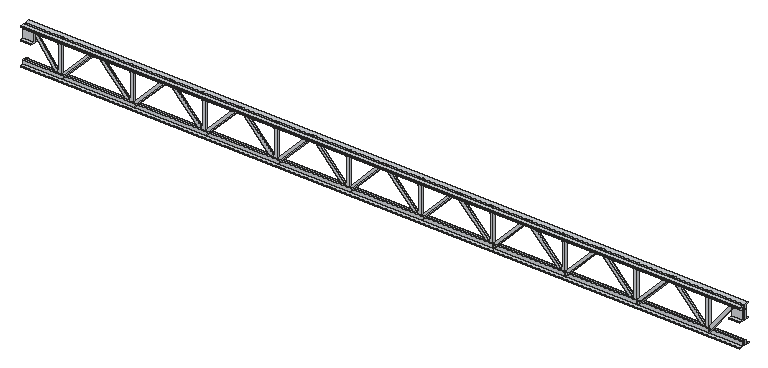
Revit family "M_Viga mestra BG", category Quadro estrutural, Revit 2019
Family settings
  Arredondamento do comprimento do framing estrutural = 1 mm
  Forma do corte = Não definido
  Material para o comportamento do modelo = Aço
  Exportar sempre como geometria = Sim
  Número OmniClass = 23.25.30.21.14.11
  Título OmniClass = Metal Joists
  ID de item do Seek = BG Joist Girder-0000-CAN-ENU
  Sempre na vertical = Sim
  Corte com vazios quando carregada = Não
  Representação simbólica = Da família
  Compartilhado = Não
  Exibir o pré-corte da família na vista da planta = Sim
Parameters (values of type "508BG")
  Espessura da teia = 25 mm
  Visibilidade do membro vertical = yes
  Material estrutural = none
  Deslocamento inicial [instance] = 0 mm
  Extensão inicial do cordão superior [instance] = 0 mm
  SpaceNum [instance] = 2 * NumMeioEspaço  # 20
  Comprimento do assento = 150 mm
  Profundidade do assento [instance] = 190 mm
  LarguraPainel [instance] = Length / SpaceNum  # 500 mm
  NumMatrizPainel 2 [instance] = Meio NúmeroMatrizPainel - 1  # 8
  NumMatrizPainel 1 [instance] = Meio NúmeroMatrizPainel  # 9
  NumMatrizPainel [instance] = SpaceNum - 3  # 17
  Carga de ponto do painel [instance] = 18.00 kN
  Comprimento do deslocamento 2 [instance] = Painel final - Deslocamento final + Extensão final do cordão inferior  # 500 mm
  Comprimento do deslocamento 1 [instance] = Painel final - Deslocamento inicial + Extensão inicial do cordão inferior  # 500 mm
  NumMeioEspaço [instance] = 10
  Tipo de viga mestre = "BG"
  Linear = 508 mm
  Extensão inicial do cordão inferior [instance] = 0 mm
  Extensão final do cordão inferior [instance] = 0 mm
  Meio NúmeroMatrizPainel [instance] = NumMatrizPainel / 2  # 9
  Painel final [instance] = LarguraPainel  # 500 mm
  Deslocamento final [instance] = 0 mm
  Extensão final do cordão superior [instance] = 0 mm
  Perna da corda = 63.5 mm
  Espessura da corda = 12.5 mm
  Código de montagem = "B1010350"
  Length [instance] = 10000 mm
Reference planes
  plane 1 "Centro (Frente/Trás)": y = 0
  plane 2: z = 0
  plane 3 "Centro (Esquerda/Direita)": x = 458.446
  plane 4 "Membro esquerdo": x = -3551.39
  plane 5 "Membro direito": x = 3560.61
  plane 6: y = 76
  plane 7: y = -76
  plane 8: z = 254
  plane 9: z = -254
  plane 10 "Esquerda": x = -4541.554
  plane 11 "Símbolo esquerdo de verga": x = -5435.59
  plane 12 "Símbolo direito de verga": x = 6401.136
  plane 13 "Direita": x = 5458.446
  plane 14: z = 64
  plane 15: x = -4391.554
  plane 16: x = -4041.554
  plane 17: x = 5308.446
  plane 18: x = 4958.446
  plane 19: y = 12.5
  plane 20: y = -12.5
  plane 21: z = 190.5
  plane 22: z = -190.5
  plane 23: z = -247.65
  plane 24: z = 247.65
  plane 25: x = -4541.554
  plane 26: x = 5458.446
  plane 27: x = -4541.554
  plane 28: x = 5458.446
  plane 29: x = 4458.446
  plane 30: x = 3958.446
  plane 31: x = -3541.554
  plane 32: x = -3041.554
  plane 33: x = -2541.554
  plane 34: x = -4541.554
  plane 35: x = 5458.446
  plane 36: x = -5435.59
  plane 37 "Esquerda do símbolo": x = -5435.59
  plane 38: x = 6401.136
  plane 39 "Direita do símbolo": x = 6401.136
Forms (mm)
  Extrusion 1, solid, material <- "Material estrutural", detail levels medium+fine
    sketch origin (458.446, 0, 0) x (0, 1, 0) y (0, 0, 1)
      loop
        line (76, 254) -> (12.5, 254) -> (12.5, 190.5) -> (25, 190.5) -> (25, 241.5) -> (76, 241.5) -> (76, 254)
      loop
        line (-76, 254) -> (-76, 241.5) -> (-25, 241.5) -> (-25, 190.5) -> (-12.5, 190.5) -> (-12.5, 254) -> (-76, 254)
    from -5000 to 5000
  Extrusion 2, solid, material <- "Material estrutural", detail levels medium+fine
    sketch origin (458.446, 0, 0) x (0, 1, 0) y (0, 0, 1)
      loop
        line (12.5, -190.5) -> (12.5, -254) -> (76, -254) -> (76, -241.5) -> (25, -241.5) -> (25, -190.5) -> (12.5, -190.5)
      loop
        line (-12.5, -190.5) -> (-25, -190.5) -> (-25, -241.5) -> (-76, -241.5) -> (-76, -254) -> (-12.5, -254) -> (-12.5, -190.5)
    from -5000 to 5000
  Extrusion 3, solid, material <- "Material estrutural", detail levels medium+fine
    sketch origin (458.446, 0, 0) x (0, 1, 0) y (0, 0, 1)
      loop
        line (76, 64) -> (76, 76.5) -> (25, 76.5) -> (25, 190.5) -> (12.5, 190.5) -> (12.5, 64) -> (76, 64)
      loop
        line (-76, 64) -> (-12.5, 64) -> (-12.5, 190.5) -> (-25, 190.5) -> (-25, 76.5) -> (-76, 76.5) -> (-76, 64)
    from 4850 to 5000
  Extrusion 4, solid, material <- "Material estrutural", detail levels medium+fine
    sketch origin (458.446, 0, 0) x (0, 1, 0) y (0, 0, 1)
      loop
        line (-76, 64) -> (-12.5, 64) -> (-12.5, 190.5) -> (-25, 190.5) -> (-25, 76.5) -> (-76, 76.5) -> (-76, 64)
      loop
        line (12.5, 64) -> (76, 64) -> (76, 76.5) -> (25, 76.5) -> (25, 190.5) -> (12.5, 190.5) -> (12.5, 64)
    from -5000 to -4850
  Sweep 5, solid, material <- "Material estrutural", detail levels fine
    path in 3D
      loop
        line (4958.446, 0, -247.65) -> (5308.446, 0, 190.5)
    profile "Teia-Perfil : Teia-Perfil" origin (5133.446, 0, -28.575) x (-0.781321, 0, 0.624129) y (0, -1, 0)
      loop
        line (-25.4, 18.85) -> (-25.4, 6.15) -> (25.4, 6.15) -> (25.4, 18.85) -> (-25.4, 18.85)
  Sweep 6, solid, material <- "Material estrutural", detail levels fine
    path in 3D
      loop
        line (-4391.554, 0, 190.5) -> (-4041.554, 0, -247.65)
    profile "Teia-Perfil : Teia-Perfil" origin (-4216.554, 0, -28.575) x (0.781321, 0, 0.624129) y (0, -1, 0)
      loop
        line (-25.4, 6.35) -> (-25.4, -6.35) -> (25.4, -6.35) -> (25.4, 6.35) -> (-25.4, 6.35)
Lines and regions (mm)
  symbolic lines, style "StructuralFraming", detail levels coarse
    curve 1: line (0, 76, 254) -> (0, 12.5, 254)
    curve 2: line (0, -76, -254) -> (0, -12.5, -254)
    curve 12: line (0, 12.5, -254) -> (0, 76, -254)
    curve 13: line (458.446, 12.5, -254) -> (458.446, 12.5, -190.5)
    curve 14: line (458.446, -12.5, -254) -> (458.446, -12.5, -190.5)
    curve 15: line (458.446, -12.5, 254) -> (458.446, -12.5, 190.5)
    curve 16: line (458.446, 12.5, 254) -> (458.446, 12.5, 190.5)
    curve 17: line (0, -12.5, 254) -> (0, -76, 254)
  symbolic lines, style "StructuralFraming", detail levels coarse+medium
    curve 3: line (0, 0, -254) -> (0, 0, 254)
  reference lines
    curve 4: line (-5285.59, 0, -377.508) -> (-5285.59, 0, 333.692)
    curve 5: line (-4785.59, 0, -383.858) -> (-4785.59, 0, 333.692)
    curve 6: line (6251.136, 0, -324.588) -> (6251.136, 0, 335.812)
    curve 7: line (5751.136, 0, -451.588) -> (5751.136, 0, 335.812)
  model lines, style "Viga mestra da travessa", detail levels coarse
    curve 8: line (5751.136, 0, -254) -> (-4785.59, 0, -254)
    curve 9: line (6401.136, 0, 254) -> (-5435.59, 0, 254)
  model lines, style "StructuralFraming", detail levels medium
    curve 10: line (-4391.554, 0, 190.5) -> (-4041.554, 0, -247.65)
    curve 11: line (4958.446, 0, -247.65) -> (5308.446, 0, 190.5)
  model lines, style "Caibro da teia", detail levels coarse
    curve 18: line (-4785.59, 0, -254) -> (-5285.59, 0, 254)
    curve 19: line (5751.136, 0, -254) -> (6251.136, 0, 254)
  sketch lines
    curve 20: line (4958.446, 0, -247.65) -> (5308.446, 0, 190.5)
    curve 21: line (-4391.554, 0, 190.5) -> (-4041.554, 0, -247.65)
  symbolic lines, detail levels fine
    curve 22: line (458.446, 12.5, 247.65) -> (458.446, -12.5, 247.65)
    curve 23: line (458.446, 12.5, -247.65) -> (458.446, -12.5, -247.65)
    curve 24: line (458.446, 12.5, -190.5) -> (458.446, 12.5, 190.5)
    curve 25: line (458.446, -12.5, -190.5) -> (458.446, -12.5, 190.5)
Dimensions and locks
  equal spacing: plane 9, plane 2, plane 8
  "Length": plane 10 "Esquerda" to plane 13 "Direita"
  equal spacing: plane 10 "Esquerda", plane 3 "Centro (Esquerda/Direita)", plane 13 "Direita"
  "Painel final": curve 5 to curve 4
  "Painel final": curve 6 to curve 7
  "Linear": plane 9 to plane 8
  "Profundidade do assento": plane 8 to plane 14
  "Painel final": plane 10 "Esquerda" to plane 16
  "Painel final": plane 13 "Direita" to plane 18
  "Espessura da teia": plane 19 to plane 20
  equal spacing: plane 19, plane 1 "Centro (Frente/Trás)", plane 20
  "Perna da corda": plane 20 to plane 7
  "Perna da corda": plane 6 to plane 19
  "Perna da corda": plane 9 to plane 22
  "Perna da corda": plane 21 to plane 8
  "Espessura da corda": plane 8 to Extrusion 1 sketch curve
  "Espessura da corda": Extrusion 1 sketch curve to plane 8
  "Espessura da corda": plane 20 to Extrusion 1 sketch curve
  "Espessura da corda": Extrusion 1 sketch curve to plane 19
  "Espessura da corda": plane 9 to Extrusion 2 sketch curve  (x2)
  "Espessura da corda": Extrusion 2 sketch curve to plane 19
  "Espessura da corda": plane 20 to Extrusion 2 sketch curve
  "Espessura da corda": plane 14 to Extrusion 3 sketch curve  (x2)
  "Espessura da corda": plane 20 to Extrusion 3 sketch curve
  "Espessura da corda": Extrusion 3 sketch curve to plane 19
  "Espessura da corda": plane 14 to Extrusion 4 sketch curve  (x2)
  "Espessura da corda": Extrusion 4 sketch curve to plane 19
  "Espessura da corda": plane 20 to Extrusion 4 sketch curve
  locked: plane 23 to plane 9 at 6.35
  locked: plane 8 to plane 24 at 6.35
  "Deslocamento inicial": plane 10 "Esquerda" to plane 27
  "Comprimento do assento": plane 27 to plane 15
  "Extensão inicial do cordão superior": plane 25 to plane 27
  "Deslocamento final": plane 28 to plane 13 "Direita"
  "Comprimento do assento": plane 17 to plane 28
  "Extensão final do cordão superior": plane 28 to plane 26
  "LarguraPainel": plane 18 to plane 29
  "LarguraPainel": plane 29 to plane 30
  "LarguraPainel": plane 16 to plane 31
  "LarguraPainel": plane 32 to plane 31
  "LarguraPainel": plane 33 to plane 32
  equal spacing: group 1, group 2, group 5, group 6, group 7, group 8, group 9, group 10, group 11  (x3)
  equal spacing: group 3, group 4, group 12, group 13, group 14, group 15, group 16, group 17  (x3)
  "Comprimento do deslocamento 1": plane 16 to plane 34
  "Comprimento do deslocamento 2": plane 35 to plane 18
  "Deslocamento inicial": plane 11 "Símbolo esquerdo de verga" to plane 36
  "Comprimento do assento": curve 4 to plane 36
  "Extensão inicial do cordão superior": plane 36 to plane 37 "Esquerda do símbolo"
  "Comprimento do assento": plane 38 to curve 6
  "Extensão final do cordão superior": plane 39 "Direita do símbolo" to plane 38
  "Deslocamento final": plane 12 "Símbolo direito de verga" to plane 38
  aligned and locked: curve 8 to plane 9
  aligned and locked: curve 9 to plane 8
  aligned and locked: curve 5 to curve 8
  aligned and locked: curve 7 to curve 8
  aligned and locked: plane 8 to Extrusion 1 sketch curve
  aligned and locked: Extrusion 1 sketch curve to plane 8
  aligned and locked: plane 6 to Extrusion 1 sketch curve
  aligned and locked: plane 7 to Extrusion 1 sketch curve
  aligned and locked: Extrusion 1 sketch curve to plane 21
  aligned and locked: plane 21 to Extrusion 1 sketch curve
  aligned and locked: plane 9 to Extrusion 2 sketch curve
  aligned and locked: Extrusion 2 sketch curve to plane 9
  aligned and locked: plane 6 to Extrusion 2 sketch curve
  aligned and locked: plane 7 to Extrusion 2 sketch curve
  aligned and locked: plane 19 to Extrusion 2 sketch curve
  aligned and locked: plane 20 to Extrusion 2 sketch curve
  aligned and locked: Extrusion 2 sketch curve to plane 22
  aligned and locked: plane 22 to Extrusion 2 sketch curve
  aligned and locked: Extrusion 3 sketch curve to plane 7
  aligned and locked: plane 14 to Extrusion 3 sketch curve
  aligned and locked: Extrusion 3 sketch curve to plane 14
  aligned and locked: Extrusion 3 sketch curve to plane 6
  aligned and locked: Extrusion 3 sketch curve to plane 20
  aligned and locked: Extrusion 3 sketch curve to plane 19
  aligned and locked: Extrusion 3 sketch curve to plane 21
  aligned and locked: plane 21 to Extrusion 3 sketch curve
  aligned and locked: Extrusion 3 to plane 17
  aligned and locked: plane 6 to Extrusion 4 sketch curve
  aligned and locked: Extrusion 4 sketch curve to plane 7
  aligned and locked: Extrusion 4 sketch curve to plane 19
  aligned and locked: plane 20 to Extrusion 4 sketch curve
  aligned and locked: plane 21 to Extrusion 4 sketch curve  (x2)
  aligned and locked: Extrusion 4 sketch curve to plane 14  (x2)
  aligned and locked: plane 15 to Extrusion 4
  aligned and locked: Extrusion 2 to curve 13
  aligned and locked: curve 13 to Extrusion 2
  aligned and locked: curve 2 to curve 14
  aligned and locked: curve 14 to Extrusion 2
  aligned and locked: Extrusion 1 to curve 15
  aligned and locked: curve 15 to Extrusion 1
  aligned and locked: curve 16 to Extrusion 1  (x2)
  aligned and locked: curve 1 to Extrusion 1
  aligned and locked: curve 11 to Extrusion 3
  aligned and locked: curve 4 to curve 18
  aligned and locked: curve 6 to curve 19
  aligned and locked: plane 25 to Extrusion 1
  aligned and locked: Extrusion 3 to plane 26
  aligned and locked: Extrusion 1 to plane 26
  aligned and locked: plane 25 to Extrusion 4
  aligned and locked: plane 15 to curve 10
  aligned and locked: Extrusion 1 to curve 10
  aligned and locked: plane 17 to curve 11
  aligned and locked: plane 16 to curve 10
  aligned and locked: plane 23 to curve 10
  aligned and locked: nested 1 to plane 16
  aligned and locked: plane 1 "Centro (Frente/Trás)" to nested 1
  aligned and locked: nested 2 to plane 31
  aligned and locked: plane 9 to nested 2
  aligned and locked: nested 2 to plane 1 "Centro (Frente/Trás)"
  aligned and locked: plane 18 to curve 11
  aligned and locked: plane 23 to curve 11
  aligned and locked: nested 1 to plane 8
  aligned and locked: nested 3 to plane 8
  aligned and locked: plane 32 to nested 3
  aligned and locked: nested 4 to plane 8
  aligned and locked: plane 33 to nested 4
  aligned and locked: Extrusion 2 to plane 34
  aligned and locked: plane 35 to Extrusion 2
  aligned and locked: nested 18 to plane 1 "Centro (Frente/Trás)"
  aligned and locked: plane 29 to nested 18
  aligned and locked: nested 18 to plane 8
  aligned and locked: plane 37 "Esquerda do símbolo" to curve 9
  aligned and locked: plane 39 "Direita do símbolo" to curve 9
Automatic sketch dimensions
  Extrusion 1 sketch curve to plane 20 = 0 mm
  Extrusion 1 sketch curve to plane 19 = 0 mm
  curve 12 to plane 6 = 0 mm
  curve 1 to plane 6 = 0 mm
  curve 12 to plane 9 = 0 mm
  curve 12 to plane 19 = 0 mm
  curve 1 to plane 19 = 0 mm
  curve 17 to plane 8 = 0 mm
  curve 17 to plane 20 = 0 mm
  curve 17 to plane 7 = 0 mm
  curve 2 to plane 7 = 0 mm
  curve 2 to plane 9 = 0 mm
  curve 2 to plane 20 = 0 mm
  curve 3 to plane 1 "Centro (Frente/Trás)" = 0 mm
  curve 3 to plane 9 = 0 mm
  curve 23 to plane 23 = 0 mm
  curve 25 to plane 22 = 0 mm
  curve 24 to plane 22 = 0 mm
  curve 16 to plane 21 = 0 mm
  curve 15 to plane 21 = 0 mm
  curve 22 to plane 24 = 0 mm
  curve 3 to plane 8 = 0 mm
  plane 9 to curve 7 = 197.588 mm
  plane 9 to curve 5 = 129.858 mm
  plane 9 to curve 4 = 123.508 mm
  plane 9 to curve 6 = 70.588 mm
  curve 5 to plane 8 = 79.692 mm
  curve 4 to plane 8 = 79.692 mm
  curve 7 to plane 8 = 81.812 mm
  curve 6 to plane 8 = 81.812 mm
Nested families
  nested 1: "Teia angular BG 1" at (-4041.554, 0, 0), type "Teia angular BG 1"
  nested 2: "Teia angular BG 2" at (-3041.554, 0, 0) x (-1, 0, 0) z (0, 0, 1), type "Teia angular BG 2"
  nested 3: "Teia angular BG 1" at (-3041.554, 0, 0), type "Teia angular BG 1"
  nested 4: "Teia angular BG 2" at (-2041.554, 0, 0) x (-1, 0, 0) z (0, 0, 1), type "Teia angular BG 2"
  nested 5: "Teia angular BG 1" at (-2041.554, 0, 0), type "Teia angular BG 1"
  nested 6: "Teia angular BG 1" at (-1041.554, 0, 0), type "Teia angular BG 1"
  nested 7: "Teia angular BG 1" at (-41.554, 0, 0), type "Teia angular BG 1"
  nested 8: "Teia angular BG 1" at (958.446, 0, 0), type "Teia angular BG 1"
  nested 9: "Teia angular BG 1" at (1958.446, 0, 0), type "Teia angular BG 1"
  nested 10: "Teia angular BG 1" at (2958.446, 0, 0), type "Teia angular BG 1"
  nested 11: "Teia angular BG 1" at (3958.446, 0, 0), type "Teia angular BG 1"
  nested 12: "Teia angular BG 2" at (-1041.554, 0, 0) x (-1, 0, 0) z (0, 0, 1), type "Teia angular BG 2"
  nested 13: "Teia angular BG 2" at (-41.554, 0, 0) x (-1, 0, 0) z (0, 0, 1), type "Teia angular BG 2"
  nested 14: "Teia angular BG 2" at (958.446, 0, 0) x (-1, 0, 0) z (0, 0, 1), type "Teia angular BG 2"
  nested 15: "Teia angular BG 2" at (1958.446, 0, 0) x (-1, 0, 0) z (0, 0, 1), type "Teia angular BG 2"
  nested 16: "Teia angular BG 2" at (2958.446, 0, 0) x (-1, 0, 0) z (0, 0, 1), type "Teia angular BG 2"
  nested 17: "Teia angular BG 2" at (3958.446, 0, 0) x (-1, 0, 0) z (0, 0, 1), type "Teia angular BG 2"
  nested 18: "Teia angular BG-Direita" at (4958.446, 0, 0) x (-1, 0, 0) z (0, 0, 1), type "Teia angular BG-Direita"
Definition of nested family "Teia angular BG 1"
  Parameters
    MaterialTeia = none
    Espessura da teia = Espessura / 2  # 12.5 mm
    Deslocamento da teia = Perna da teia / 2  # 25.4 mm
    Perna da teia = 50.8 mm
    Visibilidade do membro vertical = yes
    Espessura = 25 mm
    AlturaPainel = 508 mm
    LarguraPainel = 500 mm
    Assembly Code = ""
  Reference planes
    plane 1 "Centro (Frente/Trás)": y = 0
    plane 2: z = 0
    plane 3 "Centro (Esquerda/Direita)": x = 0
    plane 4: x = 500
    plane 5: z = -254
    plane 6: z = -228.6
    plane 7: z = 229
    plane 8: z = 254
    plane 9: y = -12.5
    plane 10: y = 12.5
    plane 11: z = 190.5
    plane 12: z = -190.5
  Forms (mm)
    Sweep 1, solid, material <- "MaterialTeia", detail levels fine
      path in 3D
        loop
          line (0, 0, -228.6) -> (25.4, 0, -228.6) -> (474.6, 0, 229) -> (500, 0, 229)
      profile origin (12.7, 0, -228.6) x (0, 0, 1) y (0, -1, 0)
        loop
          line (25.4, 0) -> (25.4, 12.5) -> (-25.4, 12.5) -> (-25.4, 0) -> (25.4, 0)
    Sweep 2, solid, material <- "MaterialTeia", detail levels fine
      path in 3D
        loop
          line (98.968, -12.5, -189.915) -> (472.677, -12.5, 190.783)
      profile origin (285.823, -12.5, 0.434) x (-0.713626, 0, 0.700527) y (0, -1, 0)
        loop
          line (0, 0) -> (12.5, 0) -> (12.5, 38.3) -> (0, 38.3) -> (0, 0)
    Sweep 3, solid, material <- "MaterialTeia", visible <- "Visibilidade do membro vertical", detail levels fine
      path origin (0, 0, 0) x (1, 0, 0) y (0, 1, 0)
        loop
          line (0, 12.5) -> (0, -12.5)
      profile origin (0, 0, 0) x (1, 0, 0) y (0, 0, 1)
        loop
          line (-25.4, 254) -> (-25.4, 171.45) -> (-14.287, 160.338) -> (-14.287, -160.338) -> (-25.4, -171.45) -> (-25.4, -254) -> (25.4, -254) -> (25.4, 254) -> (-25.4, 254)
  Cuts and joins
    joined: Sweep 1, Sweep 2
  Lines and regions (mm)
    model lines, detail levels medium+fine
      curve 1: line (0, 0, -254) -> (0, 0, 254)
      curve 2: line (0, 0, 254) -> (500, 0, 254)
      curve 3: line (500, 0, 254) -> (500, 0, -254)
      curve 4: line (500, 0, -254) -> (0, 0, -254)
    model lines, detail levels medium
      curve 5: line (474.6, 0, 229) -> (500, 0, 229)
      curve 6: line (0, 0, -228.6) -> (25.4, 0, -228.6)
      curve 7: line (25.4, 0, -228.6) -> (474.6, 0, 229)
    sketch lines
      curve 8: line (0, 0, -228.6) -> (25.4, 0, -228.6)
      curve 9: line (25.4, 0, -228.6) -> (474.6, 0, 229)
      curve 10: line (474.6, 0, 229) -> (500, 0, 229)
      curve 11: line (98.968, -12.5, -189.915) -> (472.677, -12.5, 190.783)
    model lines, visible <- "Visibilidade do membro vertical", detail levels medium
      curve 12: line (0, 0, 254) -> (0, 0, -254)
  Dimensions and locks
    plane 6 to plane 5 = 25.4 mm
    "Espessura": plane 8 to plane 7
    "AlturaPainel": plane 8 to plane 5
    equal spacing: plane 8, plane 2, plane 5
    "Espessura": plane 10 to plane 9
    equal spacing: plane 10, plane 1 "Centro (Frente/Trás)", plane 9
    locked: plane 8 to plane 11 at 63.5
    plane 12 to plane 5 = 63.5 mm
    "Deslocamento da teia": plane 6 to plane 5
    "Deslocamento da teia": curve 6 to plane 3 "Centro (Esquerda/Direita)"
    "Deslocamento da teia": curve 5 to plane 4
    "Perna da teia": Sweep 1 sketch curve to Sweep 1 sketch curve
    equal spacing: Sweep 1 sketch curve, plane 6, Sweep 1 sketch curve
    "Perna da teia": plane 1 "Centro (Frente/Trás)" to Sweep 2 sketch curve
    "Espessura da teia": Sweep 2 sketch curve to Sweep 2 sketch curve
    "LarguraPainel": plane 4 to plane 3 "Centro (Esquerda/Direita)"
    equal spacing: Sweep 3 sketch curve, plane 3 "Centro (Esquerda/Direita)", Sweep 3 sketch curve
    "Perna da teia": Sweep 3 sketch curve to Sweep 3 sketch curve  (x2)
    locked: Sweep 3 sketch curve to Sweep 3 sketch curve at 82.55  (x2)
    locked: Sweep 3 sketch curve to Sweep 3 sketch curve at 11.112
    equal spacing: Sweep 3 sketch curve, plane 2, Sweep 3 sketch curve
    locked: Sweep 3 sketch curve to Sweep 3 sketch curve (angle 45.00°)  (x2)
    aligned and locked: plane 7 to curve 5
    aligned and locked: plane 6 to curve 6
    aligned and locked: plane 9 to Sweep 1 sketch curve
    aligned and locked: Sweep 1 sketch curve to plane 1 "Centro (Frente/Trás)"
    aligned and locked: Sweep 1 to curve 11
    aligned and locked: Sweep 2 sketch curve to profile plane
    aligned and locked: plane 9 to Sweep 2 sketch curve
    aligned and locked: plane 4 to curve 5
    aligned and locked: plane 4 to curve 3
    aligned and locked: plane 3 "Centro (Esquerda/Direita)" to curve 1
    aligned and locked: curve 4 to plane 5
    aligned and locked: Sweep 3 sketch curve to plane 3 "Centro (Esquerda/Direita)"
    aligned and locked: plane 10 to Sweep 3 sketch curve
    aligned and locked: plane 9 to Sweep 3 sketch curve
    aligned and locked: curve 12 to plane 3 "Centro (Esquerda/Direita)"
    aligned and locked: plane 8 to curve 12
    aligned and locked: plane 5 to curve 12
    aligned and locked: Sweep 3 sketch curve to plane 8
    aligned and locked: Sweep 3 sketch curve to plane 5
Definition of nested family "Teia angular BG 2"
  Parameters
    MaterialTeia = none
    Espessura da teia = Espessura / 2  # 12.5 mm
    Deslocamento da teia = Perna da teia / 2  # 25.4 mm
    Perna da teia = 50.8 mm
    Espessura = 25 mm
    AlturaPainel = 508 mm
    LarguraPainel = 500 mm
    Assembly Code = ""
  Reference planes
    plane 1 "Centro (Frente/Trás)": y = 0
    plane 2: z = 0
    plane 3 "Centro (Esquerda/Direita)": x = 0
    plane 4: x = 500
    plane 5: z = -254
    plane 6: z = -228.6
    plane 7: z = 229
    plane 8: z = 254
    plane 9: y = -12.5
    plane 10: y = 12.5
    plane 11: z = 190.5
    plane 12: z = -190.5
  Forms (mm)
    Sweep 1, solid, material <- "MaterialTeia", detail levels fine
      path in 3D
        loop
          line (0, 0, -228.6) -> (25.4, 0, -228.6) -> (474.6, 0, 229) -> (500, 0, 229)
      profile origin (12.7, 0, -228.6) x (0, 0, 1) y (0, -1, 0)
        loop
          line (25.4, 0) -> (25.4, 12.5) -> (-25.4, 12.5) -> (-25.4, 0) -> (25.4, 0)
    Sweep 2, solid, material <- "MaterialTeia", detail levels fine
      path in 3D
        loop
          line (98.968, -12.5, -189.915) -> (472.677, -12.5, 190.783)
      profile origin (285.823, -12.5, 0.434) x (-0.713626, 0, 0.700527) y (0, -1, 0)
        loop
          line (0, 0) -> (12.5, 0) -> (12.5, 38.3) -> (0, 38.3) -> (0, 0)
  Cuts and joins
    joined: Sweep 1, Sweep 2
  Lines and regions (mm)
    model lines, detail levels medium+fine
      curve 1: line (0, 0, -254) -> (0, 0, 254)
      curve 2: line (0, 0, 254) -> (500, 0, 254)
      curve 3: line (500, 0, 254) -> (500, 0, -254)
      curve 4: line (500, 0, -254) -> (0, 0, -254)
    model lines, detail levels medium
      curve 5: line (474.6, 0, 229) -> (500, 0, 229)
      curve 6: line (0, 0, -228.6) -> (25.4, 0, -228.6)
      curve 7: line (25.4, 0, -228.6) -> (474.6, 0, 229)
    sketch lines
      curve 8: line (0, 0, -228.6) -> (25.4, 0, -228.6)
      curve 9: line (25.4, 0, -228.6) -> (474.6, 0, 229)
      curve 10: line (474.6, 0, 229) -> (500, 0, 229)
      curve 11: line (98.968, -12.5, -189.915) -> (472.677, -12.5, 190.783)
  Dimensions and locks
    plane 6 to plane 5 = 25.4 mm
    "Espessura": plane 8 to plane 7
    "AlturaPainel": plane 8 to plane 5
    equal spacing: plane 8, plane 2, plane 5
    "Espessura": plane 10 to plane 9
    equal spacing: plane 10, plane 1 "Centro (Frente/Trás)", plane 9
    locked: plane 8 to plane 11 at 63.5
    plane 12 to plane 5 = 63.5 mm
    "Deslocamento da teia": plane 6 to plane 5
    "Deslocamento da teia": curve 6 to plane 3 "Centro (Esquerda/Direita)"
    "Deslocamento da teia": curve 5 to plane 4
    "Perna da teia": Sweep 1 sketch curve to Sweep 1 sketch curve
    equal spacing: Sweep 1 sketch curve, plane 6, Sweep 1 sketch curve
    "Perna da teia": plane 1 "Centro (Frente/Trás)" to Sweep 2 sketch curve
    "Espessura da teia": Sweep 2 sketch curve to Sweep 2 sketch curve
    "LarguraPainel": plane 4 to plane 3 "Centro (Esquerda/Direita)"
    aligned and locked: plane 7 to curve 5
    aligned and locked: plane 6 to curve 6
    aligned and locked: plane 8 to curve 2
    aligned and locked: plane 9 to Sweep 1 sketch curve
    aligned and locked: Sweep 1 sketch curve to plane 1 "Centro (Frente/Trás)"
    aligned and locked: Sweep 1 to curve 11
    aligned and locked: Sweep 2 sketch curve to profile plane
    aligned and locked: plane 9 to Sweep 2 sketch curve
    aligned and locked: plane 4 to curve 5
    aligned and locked: plane 4 to curve 3
    aligned and locked: plane 3 "Centro (Esquerda/Direita)" to curve 1
    aligned and locked: curve 4 to plane 5
Definition of nested family "Teia angular BG-Direita"
  Parameters
    MaterialTeia = none
    Espessura da teia = Espessura / 2  # 12.5 mm
    Deslocamento da teia = Perna da teia / 2  # 25.4 mm
    Perna da teia = 50.8 mm
    Visibilidade do membro vertical = yes
    Espessura = 25 mm
    AlturaPainel = 508 mm
    LarguraPainel = 500 mm
    Assembly Code = ""
  Reference planes
    plane 1 "Centro (Frente/Trás)": y = 0
    plane 2: z = 0
    plane 3 "Centro (Esquerda/Direita)": x = 0
    plane 4: x = 500
    plane 5: z = -254
    plane 6: z = -228.6
    plane 7: z = 229
    plane 8: z = 254
    plane 9: y = -12.5
    plane 10: y = 12.5
    plane 11: z = 190.5
    plane 12: z = -190.5
  Forms (mm)
    Sweep 1, solid, material <- "MaterialTeia", detail levels fine
      path in 3D
        loop
          line (0, 0, -228.6) -> (25.4, 0, -228.6) -> (474.6, 0, 229) -> (500, 0, 229)
      profile origin (12.7, 0, -228.6) x (0, 0, 1) y (0, -1, 0)
        loop
          line (25.4, 0) -> (25.4, 12.5) -> (-25.4, 12.5) -> (-25.4, 0) -> (25.4, 0)
    Sweep 2, solid, material <- "MaterialTeia", detail levels fine
      path in 3D
        loop
          line (98.968, -12.5, -189.915) -> (472.677, -12.5, 190.783)
      profile origin (285.823, -12.5, 0.434) x (-0.713626, 0, 0.700527) y (0, -1, 0)
        loop
          line (0, 0) -> (12.5, 0) -> (12.5, 38.3) -> (0, 38.3) -> (0, 0)
    Sweep 3, solid, material <- "MaterialTeia", visible <- "Visibilidade do membro vertical", detail levels fine
      path origin (0, 0, 0) x (1, 0, 0) y (0, 1, 0)
        loop
          line (0, 12.5) -> (0, -12.5)
      profile origin (0, 0, 0) x (1, 0, 0) y (0, 0, 1)
        loop
          line (-25.4, 254) -> (-25.4, -254) -> (25.4, -254) -> (25.4, -171.45) -> (14.287, -160.337) -> (14.287, 160.338) -> (25.4, 171.45) -> (25.4, 254) -> (-25.4, 254)
  Cuts and joins
    joined: Sweep 1, Sweep 2
  Lines and regions (mm)
    model lines, detail levels medium+fine
      curve 1: line (0, 0, -254) -> (0, 0, 254)
      curve 2: line (0, 0, 254) -> (500, 0, 254)
      curve 3: line (500, 0, 254) -> (500, 0, -254)
      curve 4: line (500, 0, -254) -> (0, 0, -254)
    model lines, detail levels medium
      curve 5: line (474.6, 0, 229) -> (500, 0, 229)
      curve 6: line (0, 0, -228.6) -> (25.4, 0, -228.6)
      curve 7: line (25.4, 0, -228.6) -> (474.6, 0, 229)
    sketch lines
      curve 8: line (0, 0, -228.6) -> (25.4, 0, -228.6)
      curve 9: line (25.4, 0, -228.6) -> (474.6, 0, 229)
      curve 10: line (474.6, 0, 229) -> (500, 0, 229)
      curve 11: line (98.968, -12.5, -189.915) -> (472.677, -12.5, 190.783)
    model lines, visible <- "Visibilidade do membro vertical", detail levels medium
      curve 12: line (0, 0, 254) -> (0, 0, -254)
  Dimensions and locks
    plane 6 to plane 5 = 25.4 mm
    "Espessura": plane 8 to plane 7
    "AlturaPainel": plane 8 to plane 5
    equal spacing: plane 8, plane 2, plane 5
    "Espessura": plane 10 to plane 9
    equal spacing: plane 10, plane 1 "Centro (Frente/Trás)", plane 9
    locked: plane 8 to plane 11 at 63.5
    plane 12 to plane 5 = 63.5 mm
    "Deslocamento da teia": plane 6 to plane 5
    "Deslocamento da teia": curve 6 to plane 3 "Centro (Esquerda/Direita)"
    "Deslocamento da teia": curve 5 to plane 4
    "Perna da teia": Sweep 1 sketch curve to Sweep 1 sketch curve
    equal spacing: Sweep 1 sketch curve, plane 6, Sweep 1 sketch curve
    "Perna da teia": plane 1 "Centro (Frente/Trás)" to Sweep 2 sketch curve
    "Espessura da teia": Sweep 2 sketch curve to Sweep 2 sketch curve
    "LarguraPainel": plane 4 to plane 3 "Centro (Esquerda/Direita)"
    equal spacing: Sweep 3 sketch curve, plane 3 "Centro (Esquerda/Direita)", Sweep 3 sketch curve  (x2)
    "Perna da teia": Sweep 3 sketch curve to Sweep 3 sketch curve
    locked: Sweep 3 sketch curve to Sweep 3 sketch curve at 82.55  (x2)
    Sweep 3 sketch curve to Sweep 3 sketch curve = 11.112 mm
    equal spacing: Sweep 3 sketch curve, plane 2, Sweep 3 sketch curve
    locked: Sweep 3 sketch curve to Sweep 3 sketch curve (angle 45.00°)  (x2)
    aligned and locked: plane 7 to curve 5
    aligned and locked: plane 6 to curve 6
    aligned and locked: plane 9 to Sweep 1 sketch curve
    aligned and locked: Sweep 1 sketch curve to plane 1 "Centro (Frente/Trás)"
    aligned and locked: Sweep 1 to curve 11
    aligned and locked: Sweep 2 sketch curve to profile plane
    aligned and locked: plane 9 to Sweep 2 sketch curve
    aligned and locked: plane 4 to curve 5
    aligned and locked: plane 4 to curve 3
    aligned and locked: plane 3 "Centro (Esquerda/Direita)" to curve 1
    aligned and locked: curve 4 to plane 5
    aligned and locked: Sweep 3 sketch curve to plane 3 "Centro (Esquerda/Direita)"
    aligned and locked: plane 10 to Sweep 3 sketch curve
    aligned and locked: plane 9 to Sweep 3 sketch curve
    aligned and locked: curve 12 to plane 3 "Centro (Esquerda/Direita)"
    aligned and locked: plane 8 to curve 12
    aligned and locked: plane 5 to curve 12
    aligned and locked: Sweep 3 sketch curve to plane 8
    aligned and locked: Sweep 3 sketch curve to plane 5
Types in the file's own list only (13): name | Visibilidade do membro vertical | Linear | Perna da corda | Espessura da corda
  610BG | Sim | 610 mm | 64 mm | 13 mm
  711BG | Sim | 711 mm | 64 mm | 13 mm
  813BG | Sim | 813 mm | 64 mm | 13 mm
  914BG | Sim | 914 mm | 64 mm | 13 mm
  1016BG | Sim | 1016 mm | 64 mm | 13 mm
  1118BG | Sim | 1118 mm | 64 mm | 13 mm
  1219BG | Sim | 1219 mm | 64 mm | 13 mm
  1321BG | Sim | 1321 mm | 64 mm | 13 mm
  1422BG | Sim | 1422 mm | 64 mm | 13 mm
  1524BG | Sim | 1524 mm | 64 mm | 13 mm
  1626BG | Sim | 1626 mm | 64 mm | 13 mm
  1727BG | Sim | 1727 mm | 64 mm | 13 mm
  1829BG | Sim | 1829 mm | 64 mm | 13 mm
